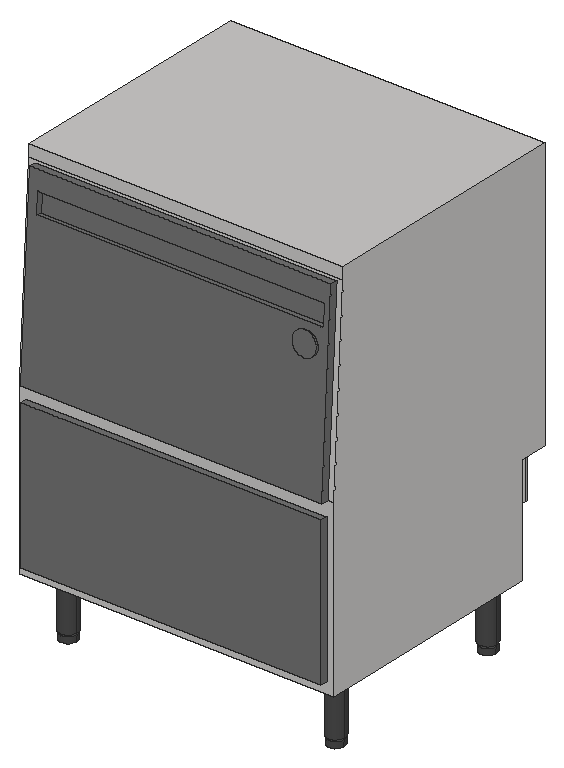
Revit family "QF_MACOM_HOSIM65A-2M", category Equipamento especial, Revit 2020
Family settings
  Cota do conector redondo = Utilizar diâmetro
  Tipo de parte = Normal
  Número OmniClass = 23.40.40.14.27
  Título OmniClass = Ice Machines
  Com base no plano de trabalho = Não
  Sempre na vertical = Sim
  Corte com vazios quando carregada = Não
  Compartilhado = Não
  Ponto de cálculo do ambiente = Não
Parameters (values of type "HOSIM65A-2M")
  Work Temperature = "0"
  Weight [instance] = 60.00 kg
  Watts [instance] = 390 W
  Water Temperature = "0"
  Water Consumption per day = "0"
  Waste Water Discharge Temperature = 0 °C
  Volume = 0.328 m³
  Volts [instance] = 220 V
  URL Recommended Spares List [instance] = ""
  URL Manufacturer [instance] = ""
  URL Cutsheet [instance] = ""
  URL Critical Spares List [instance] = ""
  URL = "https://www.acosmacom.com.br/"
  Storage = 26.00 kg
  Specification by User [instance] = ""
  Specification by Manufacturer [instance] = ""
  Serial Number [instance] = ""
  Seismic Rating [instance] = ""
  SMACNA No [instance] = ""
  Revision Code [instance] = ""
  Production per Day = "0"
  Production per Cycle = "42 cubes"
  Plumbing Remarks = ""
  Plumbing Connection Type = ""
  Number of Poles = 0
  NAFEM Spec ID Number [instance] = ""
  Modelo = "HOSIM65A-2M"
  Min Ckt Ampacity = 0 A
  Max Overcurrent Protection = 0 A
  Item Number [instance] = ""
  Installed by [instance] = ""
  Indirect Waste Size = 3/4"
  Indirect Waste Flow = 0.0 L/s
  Indirect Waste Connection Type = ""
  Indirect Waste Connection Height = 153 mm
  HP = ""
  Furnished by [instance] = ""
  Fabricante = "MACOM"
  FL Amps = 0 A
  Elevação padrão = 0 mm
  Electrical Remarks = ""
  Electric Connection Type = ""
  Elec Conn RI Height = 0 mm
  Descrição = "MAQUINA DE GELO EM CUBO HOSHIZAKI, PRODUCAO ATE 62KG/DIA, COM DEPOSITO DE 26KG - 220V MONOF - IM-65A-660X570X932mm"
  Conn Conduit = yes
  Type Comments = ""
  Solid Fuel Type [instance] = ""
  Show Logo [instance] = yes
  Show Clearances [instance] = yes
  Refrigeration Suction Line Size [instance] = 0"
  Refrigeration Liquid Line Size [instance] = 0"
  Refrigeration Evaporation Temperature [instance] = 0 °C
  Refrigeration Energy Efficiency Index [instance] = ""
  Refrigeration Defrost Drain [instance] = yes
  Refrigeration Climate Class [instance] = ""
  Refrigerant Type [instance] = "R134a"
  Refrigerant Mass [instance] = 0
  Refrigerant Flow [instance] = 0.0 L/s
  Refrigerant Compressor Remote [instance] = yes
  Potential Equalisation [instance] = yes
  Phase [instance] = 0
  Operational Current [instance] = 3.2 A
  Masterspec [instance] = ""
  Length Actual [instance] = 660 mm
  Ingress Protection Code [instance] = ""
  Identify Quantity as Lot [instance] = yes
  Height Actual = 932 mm
  Gas Connection Height [instance] = 0 mm
  Fuel Type [instance] = ""
  Foodservice Equipment Identifier [instance] = yes
  Elec Conn Connection Height [instance] = 198 mm
  Depth Actual [instance] = 570 mm
  Cycle [instance] = 60 Hz
  Conn Plug [instance] = ""
  Cold Water Temperature Recommended = 0 °C
  Cold Water Size = 1/2"
  Cold Water RI Height = 0 mm
  Cold Water Minimum Pressure = 0.0 Pa
  Cold Water Maximum Pressure = 0.0 Pa
  Cold Water Flow = 0.0 L/s
  Cold Water Consumption = ""
  Cold Water Connection Height = 229 mm
  CSI MasterFormat [instance] = ""
  CE Approved [instance] = yes
  BTUH [instance] = 3106 Btu/h
  Apparent Power = 0 VA
  Accessory [instance] = yes
Reference planes
  plane 1 "Centro (Frontal/Traseira)": y = 0
  plane 2: z = 0
  plane 3 "Centro (Esquerda/Direita)": x = 0
  plane 4: x = 660
  plane 5: z = 932
  plane 6: y = -570
  plane 7: y = -725
  plane 8: y = -1129.187
Forms (mm)
  Extrusion 1, solid, material "QF_Metal_Stainless Steel"
    sketch origin (0, 0, 0) x (0, 1, 0) y (0, 0, 1)
      loop
        line (0, 932) -> (-531, 932) -> (-531, 907) -> (-555, 496.6) -> (-555, 132) -> (-60, 132) -> (-60, 361) -> (0, 361) -> (0, 932)
    from 0 to 660
  Extrusion 2, solid, material "QF_Plastic-Dark Gray"
    sketch origin (0, -555, 152) x (0, 0, 1) y (-1, 0, 0)
      loop
        line (313.9, -13) -> (2.5, -13) -> (2.5, -645) -> (313.9, -645) -> (313.9, -13)
    from 0 to 15
  Extrusion 3, solid, material "QF_Plastic-Dark Gray"
    sketch origin (0, 0, 0) x (0, 1, 0) y (0, 0, 1)
      loop
        line (-555, 496.6) -> (-531.304, 901.808) -> (-546.274, 902.749) -> (-569.974, 497.476) -> (-555, 496.6)
    from 13 to 647
  Extrusion 4, void
    sketch origin (649, 0.922, 257.419) x (0, -0.99999, -0.004397) y (0, -0.004397, 0.99999)
      loop
        line (549.697, 562.753) -> (546.873, 607.665) -> (542.663, 607.4)
        arc (542.663, 607.4) -> (540.888, 608.008) -> (540.062, 609.693) r 2.452
        line (540.062, 609.693) -> (539.373, 620.655) -> (534.383, 620.341) -> (538.051, 562.021) -> (549.697, 562.753)
    from 13 to 617
  Extrusion 5, solid, material "QF_Finishes_Clearance_Door_Blue", detail levels coarse
    sketch origin (647, 0, 0) x (0, 1, 0) y (0, 0, 1)
      loop
        arc (-546.274, 902.749) -> (-750.019, 861.334) -> (-906.542, 724.485) r 405.97
        line (-906.542, 724.485) -> (-569.975, 497.468) -> (-546.274, 902.749)
    from 0 to -634
  Extrusion 6, solid, material "QF_Finishes_Clearance_Red", detail levels coarse
    sketch origin (0, 0, 1332) x (0, -1, 0) y (1, 0, 0)
      loop
        line (0, 0) -> (0, -150) -> (570, -150) -> (570, 0) -> (0, 0)
      loop
        line (0, 660) -> (570, 660) -> (570, 810) -> (0, 810) -> (0, 660)
    from -400 to -1373.128
  Extrusion 7, solid, material "QF_Finishes_Clearance_Red", detail levels coarse
    sketch origin (0, 0, 932) x (0, -1, 0) y (1, 0, 0)
      loop
        line (0, -150) -> (570, -150) -> (570, 810) -> (0, 810) -> (0, -150)
    from 0 to 150
  Extrusion 8, solid, material "QF_Metal_Stainless Steel"
    sketch origin (0, 0, 361) x (-1, 0, 0) y (0, 1, 0)
      loop
        circle (-634, -25) r 6.35
    from 0 to 100
  Extrusion 9, solid, material "QF_Metal_Stainless Steel"
    sketch origin (0, -60, 761) x (0, 0, -1) y (-1, 0, 0)
      loop
        circle (476, -79) r 9.525
      loop
        circle (431, -25) r 9.525
    from 0 to 6.35
Cuts and joins
  Extrusion 4 cuts Extrusion 3
  joined: Extrusion 6, Extrusion 7
Lines and regions (mm)
  model lines
    curve 1: line (32.5, -570, 170.5) -> (32.5, -570, 185.4)
    curve 2: line (621.5, -570, 170.5) -> (32.5, -570, 170.5)
    curve 3: line (621.5, -570, 185.4) -> (621.5, -570, 170.5)
    curve 4: line (32.5, -570, 185.4) -> (621.5, -570, 185.4)
    curve 5: line (131, -570, 185.4) -> (131, -570, 170.5)
    curve 6: line (227.5, -570, 185.4) -> (227.5, -570, 170.5)
    curve 7: line (326, -570, 185.4) -> (326, -570, 170.5)
    curve 8: line (424.5, -570, 185.4) -> (424.5, -570, 170.5)
    curve 9: line (523, -570, 185.4) -> (523, -570, 170.5)
    curve 10: line (32.5, -570, 197) -> (32.5, -570, 211.9)
    curve 11: line (621.5, -570, 197) -> (32.5, -570, 197)
    curve 12: line (621.5, -570, 211.9) -> (621.5, -570, 197)
    curve 13: line (32.5, -570, 211.9) -> (621.5, -570, 211.9)
    curve 14: line (131, -570, 211.9) -> (131, -570, 197)
    curve 15: line (227.5, -570, 211.9) -> (227.5, -570, 197)
    curve 16: line (326, -570, 211.9) -> (326, -570, 197)
    curve 17: line (424.5, -570, 211.9) -> (424.5, -570, 197)
    curve 18: line (523, -570, 211.9) -> (523, -570, 197)
    curve 19: line (32.5, -570, 223.5) -> (32.5, -570, 238.4)
    curve 20: line (621.5, -570, 223.5) -> (32.5, -570, 223.5)
    curve 21: line (621.5, -570, 238.4) -> (621.5, -570, 223.5)
    curve 22: line (32.5, -570, 238.4) -> (621.5, -570, 238.4)
    curve 23: line (131, -570, 238.4) -> (131, -570, 223.5)
    curve 24: line (227.5, -570, 238.4) -> (227.5, -570, 223.5)
    curve 25: line (326, -570, 238.4) -> (326, -570, 223.5)
    curve 26: line (424.5, -570, 238.4) -> (424.5, -570, 223.5)
    curve 27: line (523, -570, 238.4) -> (523, -570, 223.5)
    curve 28: line (32.5, -570, 250) -> (32.5, -570, 264.9)
    curve 29: line (621.5, -570, 250) -> (32.5, -570, 250)
    curve 30: line (621.5, -570, 264.9) -> (621.5, -570, 250)
    curve 31: line (32.5, -570, 264.9) -> (621.5, -570, 264.9)
    curve 32: line (131, -570, 264.9) -> (131, -570, 250)
    curve 33: line (227.5, -570, 264.9) -> (227.5, -570, 250)
    curve 34: line (326, -570, 264.9) -> (326, -570, 250)
    curve 35: line (424.5, -570, 264.9) -> (424.5, -570, 250)
    curve 36: line (523, -570, 264.9) -> (523, -570, 250)
    curve 37: line (32.5, -570, 276.5) -> (32.5, -570, 291.4)
    curve 38: line (621.5, -570, 276.5) -> (32.5, -570, 276.5)
    curve 39: line (621.5, -570, 291.4) -> (621.5, -570, 276.5)
    curve 40: line (32.5, -570, 291.4) -> (621.5, -570, 291.4)
    curve 41: line (131, -570, 291.4) -> (131, -570, 276.5)
    curve 42: line (227.5, -570, 291.4) -> (227.5, -570, 276.5)
    curve 43: line (326, -570, 291.4) -> (326, -570, 276.5)
    curve 44: line (424.5, -570, 291.4) -> (424.5, -570, 276.5)
    curve 45: line (523, -570, 291.4) -> (523, -570, 276.5)
    curve 46: line (32.5, -570, 303) -> (32.5, -570, 317.9)
    curve 47: line (621.5, -570, 303) -> (32.5, -570, 303)
    curve 48: line (621.5, -570, 317.9) -> (621.5, -570, 303)
    curve 49: line (32.5, -570, 317.9) -> (621.5, -570, 317.9)
    curve 50: line (131, -570, 317.9) -> (131, -570, 303)
    curve 51: line (227.5, -570, 317.9) -> (227.5, -570, 303)
    curve 52: line (326, -570, 317.9) -> (326, -570, 303)
    curve 53: line (424.5, -570, 317.9) -> (424.5, -570, 303)
    curve 54: line (523, -570, 317.9) -> (523, -570, 303)
    curve 55: line (32.5, -570, 329.5) -> (32.5, -570, 344.4)
    curve 56: line (621.5, -570, 329.5) -> (32.5, -570, 329.5)
    curve 57: line (621.5, -570, 344.4) -> (621.5, -570, 329.5)
    curve 58: line (32.5, -570, 344.4) -> (621.5, -570, 344.4)
    curve 59: line (131, -570, 344.4) -> (131, -570, 329.5)
    curve 60: line (227.5, -570, 344.4) -> (227.5, -570, 329.5)
    curve 61: line (326, -570, 344.4) -> (326, -570, 329.5)
    curve 62: line (424.5, -570, 344.4) -> (424.5, -570, 329.5)
    curve 63: line (523, -570, 344.4) -> (523, -570, 329.5)
    curve 64: line (32.5, -570, 356) -> (32.5, -570, 370.9)
    curve 65: line (621.5, -570, 356) -> (32.5, -570, 356)
    curve 66: line (621.5, -570, 370.9) -> (621.5, -570, 356)
    curve 67: line (32.5, -570, 370.9) -> (621.5, -570, 370.9)
    curve 68: line (131, -570, 370.9) -> (131, -570, 356)
    curve 69: line (227.5, -570, 370.9) -> (227.5, -570, 356)
    curve 70: line (326, -570, 370.9) -> (326, -570, 356)
    curve 71: line (424.5, -570, 370.9) -> (424.5, -570, 356)
    curve 72: line (523, -570, 370.9) -> (523, -570, 356)
    curve 73: line (32.5, -570, 382.5) -> (32.5, -570, 397.4)
    curve 74: line (621.5, -570, 382.5) -> (32.5, -570, 382.5)
    curve 75: line (621.5, -570, 397.4) -> (621.5, -570, 382.5)
    curve 76: line (32.5, -570, 397.4) -> (621.5, -570, 397.4)
    curve 77: line (131, -570, 397.4) -> (131, -570, 382.5)
    curve 78: line (227.5, -570, 397.4) -> (227.5, -570, 382.5)
    curve 79: line (326, -570, 397.4) -> (326, -570, 382.5)
    curve 80: line (424.5, -570, 397.4) -> (424.5, -570, 382.5)
    curve 81: line (523, -570, 397.4) -> (523, -570, 382.5)
    curve 82: line (32.5, -570, 409) -> (32.5, -570, 423.9)
    curve 83: line (621.5, -570, 409) -> (32.5, -570, 409)
    curve 84: line (621.5, -570, 423.9) -> (621.5, -570, 409)
    curve 85: line (32.5, -570, 423.9) -> (621.5, -570, 423.9)
    curve 86: line (131, -570, 423.9) -> (131, -570, 409)
    curve 87: line (227.5, -570, 423.9) -> (227.5, -570, 409)
    curve 88: line (326, -570, 423.9) -> (326, -570, 409)
    curve 89: line (424.5, -570, 423.9) -> (424.5, -570, 409)
    curve 90: line (523, -570, 423.9) -> (523, -570, 409)
    curve 91: line (32.5, -570, 435.5) -> (32.5, -570, 450.4)
    curve 92: line (621.5, -570, 435.5) -> (32.5, -570, 435.5)
    curve 93: line (621.5, -570, 450.4) -> (621.5, -570, 435.5)
    curve 94: line (32.5, -570, 450.4) -> (621.5, -570, 450.4)
    curve 95: line (131, -570, 450.4) -> (131, -570, 435.5)
    curve 96: line (227.5, -570, 450.4) -> (227.5, -570, 435.5)
    curve 97: line (326, -570, 450.4) -> (326, -570, 435.5)
    curve 98: line (424.5, -570, 450.4) -> (424.5, -570, 435.5)
    curve 99: line (523, -570, 450.4) -> (523, -570, 435.5)
    curve 100: line (0, -131.5, 184.5) -> (0, -199.5, 184.5)
    curve 101: line (0, -199.5, 191.5) -> (0, -131.5, 191.5)
    curve 102: arc (0, -199.5, 184.5) -> (0, -203, 188) -> (0, -199.5, 191.5) r 3.5
    curve 103: arc (0, -131.5, 191.5) -> (0, -128, 188) -> (0, -131.5, 184.5) r 3.5
    curve 104: line (0, -212.5, 184.5) -> (0, -280.5, 184.5)
    curve 105: line (0, -280.5, 191.5) -> (0, -212.5, 191.5)
    curve 106: arc (0, -280.5, 184.5) -> (0, -284, 188) -> (0, -280.5, 191.5) r 3.5
    curve 107: arc (0, -212.5, 191.5) -> (0, -209, 188) -> (0, -212.5, 184.5) r 3.5
    curve 108: line (0, -293.5, 184.5) -> (0, -361.5, 184.5)
    curve 109: line (0, -361.5, 191.5) -> (0, -293.5, 191.5)
    curve 110: arc (0, -361.5, 184.5) -> (0, -365, 188) -> (0, -361.5, 191.5) r 3.5
    curve 111: arc (0, -293.5, 191.5) -> (0, -290, 188) -> (0, -293.5, 184.5) r 3.5
    curve 112: line (0, -131.5, 195.5) -> (0, -199.5, 195.5)
    curve 113: line (0, -199.5, 202.5) -> (0, -131.5, 202.5)
    curve 114: arc (0, -199.5, 195.5) -> (0, -203, 199) -> (0, -199.5, 202.5) r 3.5
    curve 115: arc (0, -131.5, 202.5) -> (0, -128, 199) -> (0, -131.5, 195.5) r 3.5
    curve 116: line (0, -212.5, 195.5) -> (0, -280.5, 195.5)
    curve 117: line (0, -280.5, 202.5) -> (0, -212.5, 202.5)
    curve 118: arc (0, -280.5, 195.5) -> (0, -284, 199) -> (0, -280.5, 202.5) r 3.5
    curve 119: arc (0, -212.5, 202.5) -> (0, -209, 199) -> (0, -212.5, 195.5) r 3.5
    curve 120: line (0, -293.5, 195.5) -> (0, -361.5, 195.5)
    curve 121: line (0, -361.5, 202.5) -> (0, -293.5, 202.5)
    curve 122: arc (0, -361.5, 195.5) -> (0, -365, 199) -> (0, -361.5, 202.5) r 3.5
    curve 123: arc (0, -293.5, 202.5) -> (0, -290, 199) -> (0, -293.5, 195.5) r 3.5
    curve 124: line (0, -131.5, 206.5) -> (0, -199.5, 206.5)
    curve 125: line (0, -199.5, 213.5) -> (0, -131.5, 213.5)
    curve 126: arc (0, -199.5, 206.5) -> (0, -203, 210) -> (0, -199.5, 213.5) r 3.5
    curve 127: arc (0, -131.5, 213.5) -> (0, -128, 210) -> (0, -131.5, 206.5) r 3.5
    curve 128: line (0, -212.5, 206.5) -> (0, -280.5, 206.5)
    curve 129: line (0, -280.5, 213.5) -> (0, -212.5, 213.5)
    curve 130: arc (0, -280.5, 206.5) -> (0, -284, 210) -> (0, -280.5, 213.5) r 3.5
    curve 131: arc (0, -212.5, 213.5) -> (0, -209, 210) -> (0, -212.5, 206.5) r 3.5
    curve 132: line (0, -293.5, 206.5) -> (0, -361.5, 206.5)
    curve 133: line (0, -361.5, 213.5) -> (0, -293.5, 213.5)
    curve 134: arc (0, -361.5, 206.5) -> (0, -365, 210) -> (0, -361.5, 213.5) r 3.5
    curve 135: arc (0, -293.5, 213.5) -> (0, -290, 210) -> (0, -293.5, 206.5) r 3.5
    curve 136: line (0, -131.5, 217.5) -> (0, -199.5, 217.5)
    curve 137: line (0, -199.5, 224.5) -> (0, -131.5, 224.5)
    curve 138: arc (0, -199.5, 217.5) -> (0, -203, 221) -> (0, -199.5, 224.5) r 3.5
    curve 139: arc (0, -131.5, 224.5) -> (0, -128, 221) -> (0, -131.5, 217.5) r 3.5
    curve 140: line (0, -212.5, 217.5) -> (0, -280.5, 217.5)
    curve 141: line (0, -280.5, 224.5) -> (0, -212.5, 224.5)
    curve 142: arc (0, -280.5, 217.5) -> (0, -284, 221) -> (0, -280.5, 224.5) r 3.5
    curve 143: arc (0, -212.5, 224.5) -> (0, -209, 221) -> (0, -212.5, 217.5) r 3.5
    curve 144: line (0, -293.5, 217.5) -> (0, -361.5, 217.5)
    curve 145: line (0, -361.5, 224.5) -> (0, -293.5, 224.5)
    curve 146: arc (0, -361.5, 217.5) -> (0, -365, 221) -> (0, -361.5, 224.5) r 3.5
    curve 147: arc (0, -293.5, 224.5) -> (0, -290, 221) -> (0, -293.5, 217.5) r 3.5
    curve 148: line (0, -131.5, 228.5) -> (0, -199.5, 228.5)
    curve 149: line (0, -199.5, 235.5) -> (0, -131.5, 235.5)
    curve 150: arc (0, -199.5, 228.5) -> (0, -203, 232) -> (0, -199.5, 235.5) r 3.5
    curve 151: arc (0, -131.5, 235.5) -> (0, -128, 232) -> (0, -131.5, 228.5) r 3.5
    curve 152: line (0, -212.5, 228.5) -> (0, -280.5, 228.5)
    curve 153: line (0, -280.5, 235.5) -> (0, -212.5, 235.5)
    curve 154: arc (0, -280.5, 228.5) -> (0, -284, 232) -> (0, -280.5, 235.5) r 3.5
    curve 155: arc (0, -212.5, 235.5) -> (0, -209, 232) -> (0, -212.5, 228.5) r 3.5
    curve 156: line (0, -293.5, 228.5) -> (0, -361.5, 228.5)
    curve 157: line (0, -361.5, 235.5) -> (0, -293.5, 235.5)
    curve 158: arc (0, -361.5, 228.5) -> (0, -365, 232) -> (0, -361.5, 235.5) r 3.5
    curve 159: arc (0, -293.5, 235.5) -> (0, -290, 232) -> (0, -293.5, 228.5) r 3.5
    curve 160: line (0, -131.5, 239.5) -> (0, -199.5, 239.5)
    curve 161: line (0, -199.5, 246.5) -> (0, -131.5, 246.5)
    curve 162: arc (0, -199.5, 239.5) -> (0, -203, 243) -> (0, -199.5, 246.5) r 3.5
    curve 163: arc (0, -131.5, 246.5) -> (0, -128, 243) -> (0, -131.5, 239.5) r 3.5
    curve 164: line (0, -212.5, 239.5) -> (0, -280.5, 239.5)
    curve 165: line (0, -280.5, 246.5) -> (0, -212.5, 246.5)
    curve 166: arc (0, -280.5, 239.5) -> (0, -284, 243) -> (0, -280.5, 246.5) r 3.5
    curve 167: arc (0, -212.5, 246.5) -> (0, -209, 243) -> (0, -212.5, 239.5) r 3.5
    curve 168: line (0, -293.5, 239.5) -> (0, -361.5, 239.5)
    curve 169: line (0, -361.5, 246.5) -> (0, -293.5, 246.5)
    curve 170: arc (0, -361.5, 239.5) -> (0, -365, 243) -> (0, -361.5, 246.5) r 3.5
    curve 171: arc (0, -293.5, 246.5) -> (0, -290, 243) -> (0, -293.5, 239.5) r 3.5
    curve 172: line (0, -131.5, 250.5) -> (0, -199.5, 250.5)
    curve 173: line (0, -199.5, 257.5) -> (0, -131.5, 257.5)
    curve 174: arc (0, -199.5, 250.5) -> (0, -203, 254) -> (0, -199.5, 257.5) r 3.5
    curve 175: arc (0, -131.5, 257.5) -> (0, -128, 254) -> (0, -131.5, 250.5) r 3.5
    curve 176: line (0, -212.5, 250.5) -> (0, -280.5, 250.5)
    curve 177: line (0, -280.5, 257.5) -> (0, -212.5, 257.5)
    curve 178: arc (0, -280.5, 250.5) -> (0, -284, 254) -> (0, -280.5, 257.5) r 3.5
    curve 179: arc (0, -212.5, 257.5) -> (0, -209, 254) -> (0, -212.5, 250.5) r 3.5
    curve 180: line (0, -293.5, 250.5) -> (0, -361.5, 250.5)
    curve 181: line (0, -361.5, 257.5) -> (0, -293.5, 257.5)
    curve 182: arc (0, -361.5, 250.5) -> (0, -365, 254) -> (0, -361.5, 257.5) r 3.5
    curve 183: arc (0, -293.5, 257.5) -> (0, -290, 254) -> (0, -293.5, 250.5) r 3.5
    curve 184: line (0, -131.5, 261.5) -> (0, -199.5, 261.5)
    curve 185: line (0, -199.5, 268.5) -> (0, -131.5, 268.5)
    curve 186: arc (0, -199.5, 261.5) -> (0, -203, 265) -> (0, -199.5, 268.5) r 3.5
    curve 187: arc (0, -131.5, 268.5) -> (0, -128, 265) -> (0, -131.5, 261.5) r 3.5
    curve 188: line (0, -212.5, 261.5) -> (0, -280.5, 261.5)
    curve 189: line (0, -280.5, 268.5) -> (0, -212.5, 268.5)
    curve 190: arc (0, -280.5, 261.5) -> (0, -284, 265) -> (0, -280.5, 268.5) r 3.5
    curve 191: arc (0, -212.5, 268.5) -> (0, -209, 265) -> (0, -212.5, 261.5) r 3.5
    curve 192: line (0, -293.5, 261.5) -> (0, -361.5, 261.5)
    curve 193: line (0, -361.5, 268.5) -> (0, -293.5, 268.5)
    curve 194: arc (0, -361.5, 261.5) -> (0, -365, 265) -> (0, -361.5, 268.5) r 3.5
    curve 195: arc (0, -293.5, 268.5) -> (0, -290, 265) -> (0, -293.5, 261.5) r 3.5
    curve 196: line (0, -131.5, 272.5) -> (0, -199.5, 272.5)
    curve 197: line (0, -199.5, 279.5) -> (0, -131.5, 279.5)
    curve 198: arc (0, -199.5, 272.5) -> (0, -203, 276) -> (0, -199.5, 279.5) r 3.5
    curve 199: arc (0, -131.5, 279.5) -> (0, -128, 276) -> (0, -131.5, 272.5) r 3.5
    curve 200: line (0, -212.5, 272.5) -> (0, -280.5, 272.5)
    curve 201: line (0, -280.5, 279.5) -> (0, -212.5, 279.5)
    curve 202: arc (0, -280.5, 272.5) -> (0, -284, 276) -> (0, -280.5, 279.5) r 3.5
    curve 203: arc (0, -212.5, 279.5) -> (0, -209, 276) -> (0, -212.5, 272.5) r 3.5
    curve 204: line (0, -293.5, 272.5) -> (0, -361.5, 272.5)
    curve 205: line (0, -361.5, 279.5) -> (0, -293.5, 279.5)
    curve 206: arc (0, -361.5, 272.5) -> (0, -365, 276) -> (0, -361.5, 279.5) r 3.5
    curve 207: arc (0, -293.5, 279.5) -> (0, -290, 276) -> (0, -293.5, 272.5) r 3.5
    curve 208: line (0, -131.5, 283.5) -> (0, -199.5, 283.5)
    curve 209: line (0, -199.5, 290.5) -> (0, -131.5, 290.5)
    curve 210: arc (0, -199.5, 283.5) -> (0, -203, 287) -> (0, -199.5, 290.5) r 3.5
    curve 211: arc (0, -131.5, 290.5) -> (0, -128, 287) -> (0, -131.5, 283.5) r 3.5
    curve 212: line (0, -212.5, 283.5) -> (0, -280.5, 283.5)
    curve 213: line (0, -280.5, 290.5) -> (0, -212.5, 290.5)
    curve 214: arc (0, -280.5, 283.5) -> (0, -284, 287) -> (0, -280.5, 290.5) r 3.5
    curve 215: arc (0, -212.5, 290.5) -> (0, -209, 287) -> (0, -212.5, 283.5) r 3.5
    curve 216: line (0, -293.5, 283.5) -> (0, -361.5, 283.5)
    curve 217: line (0, -361.5, 290.5) -> (0, -293.5, 290.5)
    curve 218: arc (0, -361.5, 283.5) -> (0, -365, 287) -> (0, -361.5, 290.5) r 3.5
    curve 219: arc (0, -293.5, 290.5) -> (0, -290, 287) -> (0, -293.5, 283.5) r 3.5
    curve 220: line (0, -131.5, 294.5) -> (0, -199.5, 294.5)
    curve 221: line (0, -199.5, 301.5) -> (0, -131.5, 301.5)
    curve 222: arc (0, -199.5, 294.5) -> (0, -203, 298) -> (0, -199.5, 301.5) r 3.5
    curve 223: arc (0, -131.5, 301.5) -> (0, -128, 298) -> (0, -131.5, 294.5) r 3.5
    curve 224: line (0, -212.5, 294.5) -> (0, -280.5, 294.5)
    curve 225: line (0, -280.5, 301.5) -> (0, -212.5, 301.5)
    curve 226: arc (0, -280.5, 294.5) -> (0, -284, 298) -> (0, -280.5, 301.5) r 3.5
    curve 227: arc (0, -212.5, 301.5) -> (0, -209, 298) -> (0, -212.5, 294.5) r 3.5
    curve 228: line (0, -293.5, 294.5) -> (0, -361.5, 294.5)
    curve 229: line (0, -361.5, 301.5) -> (0, -293.5, 301.5)
    curve 230: arc (0, -361.5, 294.5) -> (0, -365, 298) -> (0, -361.5, 301.5) r 3.5
    curve 231: arc (0, -293.5, 301.5) -> (0, -290, 298) -> (0, -293.5, 294.5) r 3.5
    curve 232: line (0, -131.5, 305.5) -> (0, -199.5, 305.5)
    curve 233: line (0, -199.5, 312.5) -> (0, -131.5, 312.5)
    curve 234: arc (0, -199.5, 305.5) -> (0, -203, 309) -> (0, -199.5, 312.5) r 3.5
    curve 235: arc (0, -131.5, 312.5) -> (0, -128, 309) -> (0, -131.5, 305.5) r 3.5
    curve 236: line (0, -212.5, 305.5) -> (0, -280.5, 305.5)
    curve 237: line (0, -280.5, 312.5) -> (0, -212.5, 312.5)
    curve 238: arc (0, -280.5, 305.5) -> (0, -284, 309) -> (0, -280.5, 312.5) r 3.5
    curve 239: arc (0, -212.5, 312.5) -> (0, -209, 309) -> (0, -212.5, 305.5) r 3.5
    curve 240: line (0, -293.5, 305.5) -> (0, -361.5, 305.5)
    curve 241: line (0, -361.5, 312.5) -> (0, -293.5, 312.5)
    curve 242: arc (0, -361.5, 305.5) -> (0, -365, 309) -> (0, -361.5, 312.5) r 3.5
    curve 243: arc (0, -293.5, 312.5) -> (0, -290, 309) -> (0, -293.5, 305.5) r 3.5
    curve 244: line (0, -131.5, 316.5) -> (0, -199.5, 316.5)
    curve 245: line (0, -199.5, 323.5) -> (0, -131.5, 323.5)
    curve 246: arc (0, -199.5, 316.5) -> (0, -203, 320) -> (0, -199.5, 323.5) r 3.5
    curve 247: arc (0, -131.5, 323.5) -> (0, -128, 320) -> (0, -131.5, 316.5) r 3.5
    curve 248: line (0, -212.5, 316.5) -> (0, -280.5, 316.5)
    curve 249: line (0, -280.5, 323.5) -> (0, -212.5, 323.5)
    curve 250: arc (0, -280.5, 316.5) -> (0, -284, 320) -> (0, -280.5, 323.5) r 3.5
    curve 251: arc (0, -212.5, 323.5) -> (0, -209, 320) -> (0, -212.5, 316.5) r 3.5
    curve 252: line (0, -293.5, 316.5) -> (0, -361.5, 316.5)
    curve 253: line (0, -361.5, 323.5) -> (0, -293.5, 323.5)
    curve 254: arc (0, -361.5, 316.5) -> (0, -365, 320) -> (0, -361.5, 323.5) r 3.5
    curve 255: arc (0, -293.5, 323.5) -> (0, -290, 320) -> (0, -293.5, 316.5) r 3.5
    curve 256: line (0, -131.5, 327.5) -> (0, -199.5, 327.5)
    curve 257: line (0, -199.5, 334.5) -> (0, -131.5, 334.5)
    curve 258: arc (0, -199.5, 327.5) -> (0, -203, 331) -> (0, -199.5, 334.5) r 3.5
    curve 259: arc (0, -131.5, 334.5) -> (0, -128, 331) -> (0, -131.5, 327.5) r 3.5
    curve 260: line (0, -212.5, 327.5) -> (0, -280.5, 327.5)
    curve 261: line (0, -280.5, 334.5) -> (0, -212.5, 334.5)
    curve 262: arc (0, -280.5, 327.5) -> (0, -284, 331) -> (0, -280.5, 334.5) r 3.5
    curve 263: arc (0, -212.5, 334.5) -> (0, -209, 331) -> (0, -212.5, 327.5) r 3.5
    curve 264: line (0, -293.5, 327.5) -> (0, -361.5, 327.5)
    curve 265: line (0, -361.5, 334.5) -> (0, -293.5, 334.5)
    curve 266: arc (0, -361.5, 327.5) -> (0, -365, 331) -> (0, -361.5, 334.5) r 3.5
    curve 267: arc (0, -293.5, 334.5) -> (0, -290, 331) -> (0, -293.5, 327.5) r 3.5
    curve 268: line (0, -131.5, 338.5) -> (0, -199.5, 338.5)
    curve 269: line (0, -199.5, 345.5) -> (0, -131.5, 345.5)
    curve 270: arc (0, -199.5, 338.5) -> (0, -203, 342) -> (0, -199.5, 345.5) r 3.5
    curve 271: arc (0, -131.5, 345.5) -> (0, -128, 342) -> (0, -131.5, 338.5) r 3.5
    curve 272: line (0, -212.5, 338.5) -> (0, -280.5, 338.5)
    curve 273: line (0, -280.5, 345.5) -> (0, -212.5, 345.5)
    curve 274: arc (0, -280.5, 338.5) -> (0, -284, 342) -> (0, -280.5, 345.5) r 3.5
    curve 275: arc (0, -212.5, 345.5) -> (0, -209, 342) -> (0, -212.5, 338.5) r 3.5
    curve 276: line (0, -293.5, 338.5) -> (0, -361.5, 338.5)
    curve 277: line (0, -361.5, 345.5) -> (0, -293.5, 345.5)
    curve 278: arc (0, -361.5, 338.5) -> (0, -365, 342) -> (0, -361.5, 345.5) r 3.5
    curve 279: arc (0, -293.5, 345.5) -> (0, -290, 342) -> (0, -293.5, 338.5) r 3.5
    curve 280: line (0, -131.5, 349.5) -> (0, -199.5, 349.5)
    curve 281: line (0, -199.5, 356.5) -> (0, -131.5, 356.5)
    curve 282: arc (0, -199.5, 349.5) -> (0, -203, 353) -> (0, -199.5, 356.5) r 3.5
    curve 283: arc (0, -131.5, 356.5) -> (0, -128, 353) -> (0, -131.5, 349.5) r 3.5
    curve 284: line (0, -212.5, 349.5) -> (0, -280.5, 349.5)
    curve 285: line (0, -280.5, 356.5) -> (0, -212.5, 356.5)
    curve 286: arc (0, -280.5, 349.5) -> (0, -284, 353) -> (0, -280.5, 356.5) r 3.5
    curve 287: arc (0, -212.5, 356.5) -> (0, -209, 353) -> (0, -212.5, 349.5) r 3.5
    curve 288: line (0, -293.5, 349.5) -> (0, -361.5, 349.5)
    curve 289: line (0, -361.5, 356.5) -> (0, -293.5, 356.5)
    curve 290: arc (0, -361.5, 349.5) -> (0, -365, 353) -> (0, -361.5, 356.5) r 3.5
    curve 291: arc (0, -293.5, 356.5) -> (0, -290, 353) -> (0, -293.5, 349.5) r 3.5
    curve 292: line (660, -131.5, 184.5) -> (660, -199.5, 184.5)
    curve 293: line (660, -199.5, 191.5) -> (660, -131.5, 191.5)
    curve 294: arc (660, -131.5, 191.5) -> (660, -128, 188) -> (660, -131.5, 184.5) r 3.5
    curve 295: arc (660, -199.5, 184.5) -> (660, -203, 188) -> (660, -199.5, 191.5) r 3.5
    curve 296: line (660, -212.5, 184.5) -> (660, -280.5, 184.5)
    curve 297: line (660, -280.5, 191.5) -> (660, -212.5, 191.5)
    curve 298: arc (660, -212.5, 191.5) -> (660, -209, 188) -> (660, -212.5, 184.5) r 3.5
    curve 299: arc (660, -280.5, 184.5) -> (660, -284, 188) -> (660, -280.5, 191.5) r 3.5
    curve 300: line (660, -293.5, 184.5) -> (660, -361.5, 184.5)
    curve 301: line (660, -361.5, 191.5) -> (660, -293.5, 191.5)
    curve 302: arc (660, -293.5, 191.5) -> (660, -290, 188) -> (660, -293.5, 184.5) r 3.5
    curve 303: arc (660, -361.5, 184.5) -> (660, -365, 188) -> (660, -361.5, 191.5) r 3.5
    curve 304: line (660, -131.5, 195.5) -> (660, -199.5, 195.5)
    curve 305: line (660, -199.5, 202.5) -> (660, -131.5, 202.5)
    curve 306: arc (660, -131.5, 202.5) -> (660, -128, 199) -> (660, -131.5, 195.5) r 3.5
    curve 307: arc (660, -199.5, 195.5) -> (660, -203, 199) -> (660, -199.5, 202.5) r 3.5
    curve 308: line (660, -212.5, 195.5) -> (660, -280.5, 195.5)
    curve 309: line (660, -280.5, 202.5) -> (660, -212.5, 202.5)
    curve 310: arc (660, -212.5, 202.5) -> (660, -209, 199) -> (660, -212.5, 195.5) r 3.5
    curve 311: arc (660, -280.5, 195.5) -> (660, -284, 199) -> (660, -280.5, 202.5) r 3.5
    curve 312: line (660, -293.5, 195.5) -> (660, -361.5, 195.5)
    curve 313: line (660, -361.5, 202.5) -> (660, -293.5, 202.5)
    curve 314: arc (660, -293.5, 202.5) -> (660, -290, 199) -> (660, -293.5, 195.5) r 3.5
    curve 315: arc (660, -361.5, 195.5) -> (660, -365, 199) -> (660, -361.5, 202.5) r 3.5
    curve 316: line (660, -131.5, 206.5) -> (660, -199.5, 206.5)
    curve 317: line (660, -199.5, 213.5) -> (660, -131.5, 213.5)
    curve 318: arc (660, -131.5, 213.5) -> (660, -128, 210) -> (660, -131.5, 206.5) r 3.5
    curve 319: arc (660, -199.5, 206.5) -> (660, -203, 210) -> (660, -199.5, 213.5) r 3.5
    curve 320: line (660, -212.5, 206.5) -> (660, -280.5, 206.5)
    curve 321: line (660, -280.5, 213.5) -> (660, -212.5, 213.5)
    curve 322: arc (660, -212.5, 213.5) -> (660, -209, 210) -> (660, -212.5, 206.5) r 3.5
    curve 323: arc (660, -280.5, 206.5) -> (660, -284, 210) -> (660, -280.5, 213.5) r 3.5
    curve 324: line (660, -293.5, 206.5) -> (660, -361.5, 206.5)
    curve 325: line (660, -361.5, 213.5) -> (660, -293.5, 213.5)
    curve 326: arc (660, -293.5, 213.5) -> (660, -290, 210) -> (660, -293.5, 206.5) r 3.5
    curve 327: arc (660, -361.5, 206.5) -> (660, -365, 210) -> (660, -361.5, 213.5) r 3.5
    curve 328: line (660, -131.5, 217.5) -> (660, -199.5, 217.5)
    curve 329: line (660, -199.5, 224.5) -> (660, -131.5, 224.5)
    curve 330: arc (660, -131.5, 224.5) -> (660, -128, 221) -> (660, -131.5, 217.5) r 3.5
    curve 331: arc (660, -199.5, 217.5) -> (660, -203, 221) -> (660, -199.5, 224.5) r 3.5
    curve 332: line (660, -212.5, 217.5) -> (660, -280.5, 217.5)
    curve 333: line (660, -280.5, 224.5) -> (660, -212.5, 224.5)
    curve 334: arc (660, -212.5, 224.5) -> (660, -209, 221) -> (660, -212.5, 217.5) r 3.5
    curve 335: arc (660, -280.5, 217.5) -> (660, -284, 221) -> (660, -280.5, 224.5) r 3.5
    curve 336: line (660, -293.5, 217.5) -> (660, -361.5, 217.5)
    curve 337: line (660, -361.5, 224.5) -> (660, -293.5, 224.5)
    curve 338: arc (660, -293.5, 224.5) -> (660, -290, 221) -> (660, -293.5, 217.5) r 3.5
    curve 339: arc (660, -361.5, 217.5) -> (660, -365, 221) -> (660, -361.5, 224.5) r 3.5
    curve 340: line (660, -131.5, 228.5) -> (660, -199.5, 228.5)
    curve 341: line (660, -199.5, 235.5) -> (660, -131.5, 235.5)
    curve 342: arc (660, -131.5, 235.5) -> (660, -128, 232) -> (660, -131.5, 228.5) r 3.5
    curve 343: arc (660, -199.5, 228.5) -> (660, -203, 232) -> (660, -199.5, 235.5) r 3.5
    curve 344: line (660, -212.5, 228.5) -> (660, -280.5, 228.5)
    curve 345: line (660, -280.5, 235.5) -> (660, -212.5, 235.5)
    curve 346: arc (660, -212.5, 235.5) -> (660, -209, 232) -> (660, -212.5, 228.5) r 3.5
    curve 347: arc (660, -280.5, 228.5) -> (660, -284, 232) -> (660, -280.5, 235.5) r 3.5
    curve 348: line (660, -293.5, 228.5) -> (660, -361.5, 228.5)
    curve 349: line (660, -361.5, 235.5) -> (660, -293.5, 235.5)
    curve 350: arc (660, -293.5, 235.5) -> (660, -290, 232) -> (660, -293.5, 228.5) r 3.5
    curve 351: arc (660, -361.5, 228.5) -> (660, -365, 232) -> (660, -361.5, 235.5) r 3.5
    curve 352: line (660, -131.5, 239.5) -> (660, -199.5, 239.5)
    curve 353: line (660, -199.5, 246.5) -> (660, -131.5, 246.5)
    curve 354: arc (660, -131.5, 246.5) -> (660, -128, 243) -> (660, -131.5, 239.5) r 3.5
    curve 355: arc (660, -199.5, 239.5) -> (660, -203, 243) -> (660, -199.5, 246.5) r 3.5
    curve 356: line (660, -212.5, 239.5) -> (660, -280.5, 239.5)
    curve 357: line (660, -280.5, 246.5) -> (660, -212.5, 246.5)
    curve 358: arc (660, -212.5, 246.5) -> (660, -209, 243) -> (660, -212.5, 239.5) r 3.5
    curve 359: arc (660, -280.5, 239.5) -> (660, -284, 243) -> (660, -280.5, 246.5) r 3.5
    curve 360: line (660, -293.5, 239.5) -> (660, -361.5, 239.5)
    curve 361: line (660, -361.5, 246.5) -> (660, -293.5, 246.5)
    curve 362: arc (660, -293.5, 246.5) -> (660, -290, 243) -> (660, -293.5, 239.5) r 3.5
    curve 363: arc (660, -361.5, 239.5) -> (660, -365, 243) -> (660, -361.5, 246.5) r 3.5
    curve 364: line (660, -131.5, 250.5) -> (660, -199.5, 250.5)
    curve 365: line (660, -199.5, 257.5) -> (660, -131.5, 257.5)
    curve 366: arc (660, -131.5, 257.5) -> (660, -128, 254) -> (660, -131.5, 250.5) r 3.5
    curve 367: arc (660, -199.5, 250.5) -> (660, -203, 254) -> (660, -199.5, 257.5) r 3.5
    curve 368: line (660, -212.5, 250.5) -> (660, -280.5, 250.5)
    curve 369: line (660, -280.5, 257.5) -> (660, -212.5, 257.5)
    curve 370: arc (660, -212.5, 257.5) -> (660, -209, 254) -> (660, -212.5, 250.5) r 3.5
    curve 371: arc (660, -280.5, 250.5) -> (660, -284, 254) -> (660, -280.5, 257.5) r 3.5
    curve 372: line (660, -293.5, 250.5) -> (660, -361.5, 250.5)
    curve 373: line (660, -361.5, 257.5) -> (660, -293.5, 257.5)
    curve 374: arc (660, -293.5, 257.5) -> (660, -290, 254) -> (660, -293.5, 250.5) r 3.5
    curve 375: arc (660, -361.5, 250.5) -> (660, -365, 254) -> (660, -361.5, 257.5) r 3.5
    curve 376: line (660, -131.5, 261.5) -> (660, -199.5, 261.5)
    curve 377: line (660, -199.5, 268.5) -> (660, -131.5, 268.5)
    curve 378: arc (660, -131.5, 268.5) -> (660, -128, 265) -> (660, -131.5, 261.5) r 3.5
    curve 379: arc (660, -199.5, 261.5) -> (660, -203, 265) -> (660, -199.5, 268.5) r 3.5
    curve 380: line (660, -212.5, 261.5) -> (660, -280.5, 261.5)
    curve 381: line (660, -280.5, 268.5) -> (660, -212.5, 268.5)
    curve 382: arc (660, -212.5, 268.5) -> (660, -209, 265) -> (660, -212.5, 261.5) r 3.5
    curve 383: arc (660, -280.5, 261.5) -> (660, -284, 265) -> (660, -280.5, 268.5) r 3.5
    curve 384: line (660, -293.5, 261.5) -> (660, -361.5, 261.5)
    curve 385: line (660, -361.5, 268.5) -> (660, -293.5, 268.5)
    curve 386: arc (660, -293.5, 268.5) -> (660, -290, 265) -> (660, -293.5, 261.5) r 3.5
    curve 387: arc (660, -361.5, 261.5) -> (660, -365, 265) -> (660, -361.5, 268.5) r 3.5
    curve 388: line (660, -131.5, 272.5) -> (660, -199.5, 272.5)
    curve 389: line (660, -199.5, 279.5) -> (660, -131.5, 279.5)
    curve 390: arc (660, -131.5, 279.5) -> (660, -128, 276) -> (660, -131.5, 272.5) r 3.5
    curve 391: arc (660, -199.5, 272.5) -> (660, -203, 276) -> (660, -199.5, 279.5) r 3.5
    curve 392: line (660, -212.5, 272.5) -> (660, -280.5, 272.5)
    curve 393: line (660, -280.5, 279.5) -> (660, -212.5, 279.5)
    curve 394: arc (660, -212.5, 279.5) -> (660, -209, 276) -> (660, -212.5, 272.5) r 3.5
    curve 395: arc (660, -280.5, 272.5) -> (660, -284, 276) -> (660, -280.5, 279.5) r 3.5
    curve 396: line (660, -293.5, 272.5) -> (660, -361.5, 272.5)
    curve 397: line (660, -361.5, 279.5) -> (660, -293.5, 279.5)
    curve 398: arc (660, -293.5, 279.5) -> (660, -290, 276) -> (660, -293.5, 272.5) r 3.5
    curve 399: arc (660, -361.5, 272.5) -> (660, -365, 276) -> (660, -361.5, 279.5) r 3.5
    curve 400: line (660, -131.5, 283.5) -> (660, -199.5, 283.5)
    curve 401: line (660, -199.5, 290.5) -> (660, -131.5, 290.5)
    curve 402: arc (660, -131.5, 290.5) -> (660, -128, 287) -> (660, -131.5, 283.5) r 3.5
    curve 403: arc (660, -199.5, 283.5) -> (660, -203, 287) -> (660, -199.5, 290.5) r 3.5
    curve 404: line (660, -212.5, 283.5) -> (660, -280.5, 283.5)
    curve 405: line (660, -280.5, 290.5) -> (660, -212.5, 290.5)
    curve 406: arc (660, -212.5, 290.5) -> (660, -209, 287) -> (660, -212.5, 283.5) r 3.5
    curve 407: arc (660, -280.5, 283.5) -> (660, -284, 287) -> (660, -280.5, 290.5) r 3.5
    curve 408: line (660, -293.5, 283.5) -> (660, -361.5, 283.5)
    curve 409: line (660, -361.5, 290.5) -> (660, -293.5, 290.5)
    curve 410: arc (660, -293.5, 290.5) -> (660, -290, 287) -> (660, -293.5, 283.5) r 3.5
    curve 411: arc (660, -361.5, 283.5) -> (660, -365, 287) -> (660, -361.5, 290.5) r 3.5
    curve 412: line (660, -131.5, 294.5) -> (660, -199.5, 294.5)
    curve 413: line (660, -199.5, 301.5) -> (660, -131.5, 301.5)
    curve 414: arc (660, -131.5, 301.5) -> (660, -128, 298) -> (660, -131.5, 294.5) r 3.5
    curve 415: arc (660, -199.5, 294.5) -> (660, -203, 298) -> (660, -199.5, 301.5) r 3.5
    curve 416: line (660, -212.5, 294.5) -> (660, -280.5, 294.5)
    curve 417: line (660, -280.5, 301.5) -> (660, -212.5, 301.5)
    curve 418: arc (660, -212.5, 301.5) -> (660, -209, 298) -> (660, -212.5, 294.5) r 3.5
    curve 419: arc (660, -280.5, 294.5) -> (660, -284, 298) -> (660, -280.5, 301.5) r 3.5
    curve 420: line (660, -293.5, 294.5) -> (660, -361.5, 294.5)
    curve 421: line (660, -361.5, 301.5) -> (660, -293.5, 301.5)
    curve 422: arc (660, -293.5, 301.5) -> (660, -290, 298) -> (660, -293.5, 294.5) r 3.5
    curve 423: arc (660, -361.5, 294.5) -> (660, -365, 298) -> (660, -361.5, 301.5) r 3.5
    curve 424: line (660, -131.5, 305.5) -> (660, -199.5, 305.5)
    curve 425: line (660, -199.5, 312.5) -> (660, -131.5, 312.5)
    curve 426: arc (660, -131.5, 312.5) -> (660, -128, 309) -> (660, -131.5, 305.5) r 3.5
    curve 427: arc (660, -199.5, 305.5) -> (660, -203, 309) -> (660, -199.5, 312.5) r 3.5
    curve 428: line (660, -212.5, 305.5) -> (660, -280.5, 305.5)
    curve 429: line (660, -280.5, 312.5) -> (660, -212.5, 312.5)
    curve 430: arc (660, -212.5, 312.5) -> (660, -209, 309) -> (660, -212.5, 305.5) r 3.5
    curve 431: arc (660, -280.5, 305.5) -> (660, -284, 309) -> (660, -280.5, 312.5) r 3.5
    curve 432: line (660, -293.5, 305.5) -> (660, -361.5, 305.5)
    curve 433: line (660, -361.5, 312.5) -> (660, -293.5, 312.5)
    curve 434: arc (660, -293.5, 312.5) -> (660, -290, 309) -> (660, -293.5, 305.5) r 3.5
    curve 435: arc (660, -361.5, 305.5) -> (660, -365, 309) -> (660, -361.5, 312.5) r 3.5
    curve 436: line (660, -131.5, 316.5) -> (660, -199.5, 316.5)
    curve 437: line (660, -199.5, 323.5) -> (660, -131.5, 323.5)
    curve 438: arc (660, -131.5, 323.5) -> (660, -128, 320) -> (660, -131.5, 316.5) r 3.5
    curve 439: arc (660, -199.5, 316.5) -> (660, -203, 320) -> (660, -199.5, 323.5) r 3.5
    curve 440: line (660, -212.5, 316.5) -> (660, -280.5, 316.5)
    curve 441: line (660, -280.5, 323.5) -> (660, -212.5, 323.5)
    curve 442: arc (660, -212.5, 323.5) -> (660, -209, 320) -> (660, -212.5, 316.5) r 3.5
    curve 443: arc (660, -280.5, 316.5) -> (660, -284, 320) -> (660, -280.5, 323.5) r 3.5
    curve 444: line (660, -293.5, 316.5) -> (660, -361.5, 316.5)
    curve 445: line (660, -361.5, 323.5) -> (660, -293.5, 323.5)
    curve 446: arc (660, -293.5, 323.5) -> (660, -290, 320) -> (660, -293.5, 316.5) r 3.5
    curve 447: arc (660, -361.5, 316.5) -> (660, -365, 320) -> (660, -361.5, 323.5) r 3.5
    curve 448: line (660, -131.5, 327.5) -> (660, -199.5, 327.5)
    curve 449: line (660, -199.5, 334.5) -> (660, -131.5, 334.5)
    curve 450: arc (660, -131.5, 334.5) -> (660, -128, 331) -> (660, -131.5, 327.5) r 3.5
    curve 451: arc (660, -199.5, 327.5) -> (660, -203, 331) -> (660, -199.5, 334.5) r 3.5
    curve 452: line (660, -212.5, 327.5) -> (660, -280.5, 327.5)
    curve 453: line (660, -280.5, 334.5) -> (660, -212.5, 334.5)
    curve 454: arc (660, -212.5, 334.5) -> (660, -209, 331) -> (660, -212.5, 327.5) r 3.5
    curve 455: arc (660, -280.5, 327.5) -> (660, -284, 331) -> (660, -280.5, 334.5) r 3.5
    curve 456: line (660, -293.5, 327.5) -> (660, -361.5, 327.5)
    curve 457: line (660, -361.5, 334.5) -> (660, -293.5, 334.5)
    curve 458: arc (660, -293.5, 334.5) -> (660, -290, 331) -> (660, -293.5, 327.5) r 3.5
    curve 459: arc (660, -361.5, 327.5) -> (660, -365, 331) -> (660, -361.5, 334.5) r 3.5
    curve 460: line (660, -131.5, 338.5) -> (660, -199.5, 338.5)
    curve 461: line (660, -199.5, 345.5) -> (660, -131.5, 345.5)
    curve 462: arc (660, -131.5, 345.5) -> (660, -128, 342) -> (660, -131.5, 338.5) r 3.5
    curve 463: arc (660, -199.5, 338.5) -> (660, -203, 342) -> (660, -199.5, 345.5) r 3.5
    curve 464: line (660, -212.5, 338.5) -> (660, -280.5, 338.5)
    curve 465: line (660, -280.5, 345.5) -> (660, -212.5, 345.5)
    curve 466: arc (660, -212.5, 345.5) -> (660, -209, 342) -> (660, -212.5, 338.5) r 3.5
    curve 467: arc (660, -280.5, 338.5) -> (660, -284, 342) -> (660, -280.5, 345.5) r 3.5
    curve 468: line (660, -293.5, 338.5) -> (660, -361.5, 338.5)
    curve 469: line (660, -361.5, 345.5) -> (660, -293.5, 345.5)
    curve 470: arc (660, -293.5, 345.5) -> (660, -290, 342) -> (660, -293.5, 338.5) r 3.5
    curve 471: arc (660, -361.5, 338.5) -> (660, -365, 342) -> (660, -361.5, 345.5) r 3.5
    curve 472: line (660, -131.5, 349.5) -> (660, -199.5, 349.5)
    curve 473: line (660, -199.5, 356.5) -> (660, -131.5, 356.5)
    curve 474: arc (660, -131.5, 356.5) -> (660, -128, 353) -> (660, -131.5, 349.5) r 3.5
    curve 475: arc (660, -199.5, 349.5) -> (660, -203, 353) -> (660, -199.5, 356.5) r 3.5
    curve 476: line (660, -212.5, 349.5) -> (660, -280.5, 349.5)
    curve 477: line (660, -280.5, 356.5) -> (660, -212.5, 356.5)
    curve 478: arc (660, -212.5, 356.5) -> (660, -209, 353) -> (660, -212.5, 349.5) r 3.5
    curve 479: arc (660, -280.5, 349.5) -> (660, -284, 353) -> (660, -280.5, 356.5) r 3.5
    curve 480: line (660, -293.5, 349.5) -> (660, -361.5, 349.5)
    curve 481: line (660, -361.5, 356.5) -> (660, -293.5, 356.5)
    curve 482: arc (660, -293.5, 356.5) -> (660, -290, 353) -> (660, -293.5, 349.5) r 3.5
    curve 483: arc (660, -361.5, 349.5) -> (660, -365, 353) -> (660, -361.5, 356.5) r 3.5
  symbolic lines
    curve 484: line (0, 0, 0) -> (660, 0, 0)
    curve 485: line (660, 0, 0) -> (660, -555, 0)
    curve 486: line (15, -555, 0) -> (0, -555, 0)
    curve 487: line (0, -555, 0) -> (0, 0, 0)
    curve 488: line (660, -510, 0) -> (0, -510, 0)
    curve 489: line (660, -555, 0) -> (647, -555, 0)
    curve 490: line (647, -555, 0) -> (647, -569.975, 0)
    curve 491: line (647, -569.975, 0) -> (13, -569.975, 0)
    curve 492: line (13, -569.975, 0) -> (13, -555, 0)
    curve 493: line (13, -531.304, 0) -> (13, -555, 0)
    curve 494: line (0, -531, 0) -> (660, -531, 0)
    curve 495: line (636, -536.184, 0) -> (32, -536.184, 0)
    curve 496: line (636, -551.245, 0) -> (636, -536.184, 0)
    curve 497: line (32, -551.245, 0) -> (636, -551.245, 0)
    curve 498: line (32, -536.184, 0) -> (32, -551.245, 0)
    curve 499: line (15, -555, 0) -> (647, -555, 0)
Dimensions and locks
  "Length Actual": plane 4 to plane 3 "Centro (Esquerda/Direita)"
  "Height Actual": plane 5 to level
  "Depth Actual": plane 1 "Centro (Frontal/Traseira)" to plane 6
  locked: level to Extrusion 1 sketch curve at 132
  locked: Extrusion 1 sketch curve to Extrusion 1 sketch curve at 229
  Extrusion 2 sketch curve to Extrusion 1 = 13 mm
  Extrusion 2 sketch curve to Extrusion 1 = 15 mm
  Extrusion 2 sketch curve to Extrusion 1 = 22.5 mm
  Extrusion 2 sketch curve to Extrusion 2 sketch curve = 311.4 mm
  level to Extrusion 1 sketch curve = 932 mm
  Extrusion 8 sketch curve to plane 1 "Centro (Frontal/Traseira)" = 25 mm
  locked: Extrusion 8 sketch curve to plane 4 at 26
  locked: Extrusion 9 sketch curve to plane 3 "Centro (Esquerda/Direita)" at 25
  locked: Extrusion 9 sketch curve to plane 3 "Centro (Esquerda/Direita)" at 79
  "Indirect Waste Connection Height": Extrusion 1 to Extrusion 9 sketch curve
  "Elec Conn Connection Height": Extrusion 1 to Extrusion 9 sketch curve
  aligned and locked: level to plane 2
  aligned and locked: level to nested 2
  aligned and locked: level to nested 4
  aligned and locked: level to nested 1
  aligned and locked: level to nested 3
  aligned and locked: plane 6 to Extrusion 2
  aligned and locked: Extrusion 5 to Extrusion 3
  aligned and locked: Extrusion 5 to Extrusion 2
  aligned and locked: Extrusion 7 sketch curve to plane 6
  aligned and locked: Extrusion 6 to Extrusion 1
  aligned and locked: Extrusion 5 to cut or joined group of Extrusion 3, Extrusion 4
Automatic sketch dimensions
  curve 1 to Extrusion 2 = 16 mm
  curve 2 to curve 4 = 14.9 mm
  curve 2 to Extrusion 2 = 19.5 mm
  curve 4 to Extrusion 2 = 23.5 mm
  curve 2 to curve 9 = 98.5 mm
  curve 9 to curve 8 = 98.5 mm
  curve 8 to curve 7 = 98.5 mm
  curve 7 to curve 6 = 98.5 mm
  curve 5 to curve 1 = 98.5 mm
  curve 1 to curve 10 = 11.6 mm
  curve 11 to curve 13 = 14.9 mm
  curve 13 to Extrusion 2 = 23.5 mm
  curve 11 to curve 1 = 0 mm
  curve 18 to curve 9 = 0 mm
  curve 17 to curve 8 = 0 mm
  curve 16 to curve 7 = 0 mm
  curve 15 to curve 6 = 0 mm
  curve 14 to curve 5 = 0 mm
  curve 10 to curve 19 = 11.6 mm
  curve 20 to curve 22 = 14.9 mm
  curve 21 to curve 12 = 0 mm
  curve 22 to Extrusion 2 = 19.5 mm
  curve 27 to curve 18 = 0 mm
  curve 26 to curve 17 = 0 mm
  curve 25 to curve 16 = 0 mm
  curve 24 to curve 15 = 0 mm
  curve 23 to curve 14 = 0 mm
  curve 19 to curve 28 = 11.6 mm
  curve 29 to curve 31 = 14.9 mm
  curve 31 to Extrusion 2 = 23.5 mm
  curve 28 to Extrusion 2 = 19.5 mm
  curve 36 to curve 27 = 0 mm
  curve 35 to curve 26 = 0 mm
  curve 34 to curve 25 = 0 mm
  curve 33 to curve 24 = 0 mm
  curve 32 to curve 23 = 0 mm
  curve 28 to curve 37 = 11.6 mm
  curve 38 to curve 40 = 14.9 mm
  curve 38 to curve 30 = 0 mm
  curve 37 to curve 28 = 0 mm
  curve 45 to curve 36 = 0 mm
  curve 44 to curve 35 = 0 mm
  curve 43 to curve 34 = 0 mm
  curve 42 to curve 33 = 0 mm
  curve 41 to curve 32 = 0 mm
  curve 37 to curve 46 = 11.6 mm
  curve 47 to curve 49 = 14.9 mm
  curve 49 to Extrusion 2 = 23.5 mm
  curve 46 to curve 37 = 0 mm
  curve 54 to curve 45 = 0 mm
  curve 53 to curve 44 = 0 mm
  curve 52 to curve 43 = 0 mm
  curve 51 to curve 42 = 0 mm
  curve 50 to curve 41 = 0 mm
  curve 46 to curve 55 = 11.6 mm
  curve 56 to curve 58 = 14.9 mm
  curve 58 to Extrusion 2 = 23.5 mm
  curve 55 to curve 46 = 0 mm
  curve 63 to curve 54 = 0 mm
  curve 62 to curve 53 = 0 mm
  curve 61 to curve 52 = 0 mm
  curve 60 to curve 51 = 0 mm
  curve 59 to curve 50 = 0 mm
  curve 55 to curve 64 = 11.6 mm
  curve 65 to curve 67 = 14.9 mm
  curve 67 to Extrusion 2 = 23.5 mm
  curve 64 to curve 55 = 0 mm
  curve 72 to curve 63 = 0 mm
  curve 71 to curve 62 = 0 mm
  curve 70 to curve 61 = 0 mm
  curve 69 to curve 60 = 0 mm
  curve 68 to curve 59 = 0 mm
  curve 64 to curve 73 = 11.6 mm
  curve 74 to curve 76 = 14.9 mm
  curve 74 to curve 66 = 0 mm
  curve 73 to curve 64 = 0 mm
  curve 81 to curve 72 = 0 mm
  curve 80 to curve 71 = 0 mm
  curve 79 to curve 70 = 0 mm
  curve 78 to curve 69 = 0 mm
  curve 77 to curve 68 = 0 mm
  curve 73 to curve 82 = 11.6 mm
  curve 83 to curve 85 = 14.9 mm
  curve 85 to Extrusion 2 = 23.5 mm
  curve 82 to curve 73 = 0 mm
  curve 90 to curve 81 = 0 mm
  curve 89 to curve 80 = 0 mm
  curve 88 to curve 79 = 0 mm
  curve 87 to curve 78 = 0 mm
  curve 86 to curve 77 = 0 mm
  curve 82 to curve 91 = 11.6 mm
  curve 92 to curve 94 = 14.9 mm
  curve 92 to curve 84 = 0 mm
  curve 91 to curve 82 = 0 mm
  curve 99 to curve 90 = 0 mm
  curve 98 to curve 89 = 0 mm
  curve 97 to curve 88 = 0 mm
  curve 96 to curve 87 = 0 mm
  curve 95 to curve 86 = 0 mm
  Extrusion 1 to curve 100 = 52.5 mm
  Extrusion 1 to curve 100 = 139.5 mm
  curve 100 to curve 100 = 68 mm
  curve 102 to curve 102 = 3.5 mm
  curve 107 to curve 102 = 13 mm
  curve 104 to curve 104 = 68 mm
  Extrusion 1 to curve 104 = 52.5 mm
  curve 104 to curve 107 = 3.5 mm
  curve 108 to curve 104 = 13 mm
  curve 108 to curve 108 = 68 mm
  Extrusion 1 to curve 108 = 52.5 mm
  curve 108 to curve 111 = 3.5 mm
  curve 122 to curve 109 = 0 mm
  curve 121 to curve 111 = 0 mm
  curve 117 to curve 105 = 0 mm
  curve 119 to curve 107 = 0 mm
  curve 114 to curve 102 = 0 mm
  curve 113 to curve 103 = 0 mm
  curve 103 to curve 112 = 4 mm
  curve 109 to curve 120 = 4 mm
  curve 105 to curve 116 = 4 mm
  curve 120 to curve 123 = 3.5 mm
  curve 116 to curve 118 = 3.5 mm
  curve 112 to curve 115 = 3.5 mm
  curve 134 to curve 121 = 0 mm
  curve 132 to curve 123 = 0 mm
  curve 129 to curve 117 = 0 mm  (x2)
  curve 124 to curve 113 = 0 mm
  curve 125 to curve 115 = 0 mm
  curve 115 to curve 124 = 4 mm
  curve 121 to curve 132 = 4 mm
  curve 117 to curve 128 = 4 mm
  curve 124 to curve 126 = 3.5 mm
  curve 132 to curve 134 = 3.5 mm
  curve 128 to curve 130 = 3.5 mm
  curve 146 to curve 133 = 0 mm
  curve 144 to curve 133 = 0 mm
  curve 142 to curve 129 = 0 mm
  curve 140 to curve 129 = 0 mm
  curve 136 to curve 125 = 0 mm
  curve 139 to curve 125 = 0 mm
  curve 125 to curve 136 = 4 mm
  curve 133 to curve 144 = 4 mm
  curve 129 to curve 140 = 4 mm
  curve 136 to curve 138 = 3.5 mm
  curve 144 to curve 146 = 3.5 mm
  curve 140 to curve 142 = 3.5 mm
  curve 158 to curve 145 = 0 mm
  curve 156 to curve 145 = 0 mm
  curve 152 to curve 141 = 0 mm
  curve 153 to curve 141 = 0 mm
  curve 148 to curve 137 = 0 mm
  curve 149 to curve 137 = 0 mm
  curve 137 to curve 148 = 4 mm
  curve 145 to curve 156 = 4 mm
  curve 141 to curve 152 = 4 mm
  curve 148 to curve 150 = 3.5 mm
  curve 156 to curve 158 = 3.5 mm
  curve 152 to curve 154 = 3.5 mm
  curve 170 to curve 157 = 0 mm
  curve 168 to curve 157 = 0 mm
  curve 166 to curve 153 = 0 mm
  curve 164 to curve 153 = 0 mm
  curve 162 to curve 149 = 0 mm
  curve 160 to curve 149 = 0 mm
  curve 149 to curve 160 = 4 mm
  curve 157 to curve 168 = 4 mm
  curve 153 to curve 164 = 4 mm
  curve 160 to curve 162 = 3.5 mm
  curve 168 to curve 170 = 3.5 mm
  curve 164 to curve 166 = 3.5 mm
  curve 182 to curve 169 = 0 mm
  curve 180 to curve 169 = 0 mm
  curve 176 to curve 165 = 0 mm  (x2)
  curve 174 to curve 161 = 0 mm
  curve 172 to curve 161 = 0 mm
  curve 161 to curve 172 = 4 mm
  curve 169 to curve 180 = 4 mm
  curve 165 to curve 176 = 4 mm
  curve 180 to curve 183 = 3.5 mm
  curve 176 to curve 178 = 3.5 mm
  curve 172 to curve 175 = 3.5 mm
  curve 194 to curve 181 = 0 mm
  curve 192 to curve 183 = 0 mm
  curve 190 to curve 177 = 0 mm
  curve 188 to curve 177 = 0 mm
  curve 186 to curve 173 = 0 mm
  curve 184 to curve 173 = 0 mm
  curve 173 to curve 184 = 4 mm
  curve 181 to curve 192 = 4 mm
  curve 177 to curve 188 = 4 mm
  curve 192 to curve 195 = 3.5 mm
  curve 188 to curve 190 = 3.5 mm
  curve 184 to curve 187 = 3.5 mm
  curve 206 to curve 193 = 0 mm
  curve 204 to curve 195 = 0 mm
  curve 200 to curve 189 = 0 mm
  curve 203 to curve 189 = 0 mm
  curve 198 to curve 185 = 0 mm
  curve 196 to curve 185 = 0 mm
  curve 185 to curve 196 = 4 mm
  curve 193 to curve 204 = 4 mm
  curve 189 to curve 200 = 4 mm
  curve 196 to curve 198 = 3.5 mm
  curve 204 to curve 206 = 3.5 mm
  curve 200 to curve 202 = 3.5 mm
  curve 218 to curve 205 = 0 mm
  curve 216 to curve 205 = 0 mm
  curve 214 to curve 201 = 0 mm
  curve 212 to curve 201 = 0 mm
  curve 210 to curve 197 = 0 mm
  curve 208 to curve 197 = 0 mm
  curve 197 to curve 208 = 4 mm
  curve 205 to curve 216 = 4 mm
  curve 201 to curve 212 = 4 mm
  curve 208 to curve 210 = 3.5 mm
  curve 216 to curve 218 = 3.5 mm
  curve 212 to curve 214 = 3.5 mm
  curve 230 to curve 217 = 0 mm
  curve 228 to curve 217 = 0 mm
  curve 224 to curve 213 = 0 mm
  curve 227 to curve 213 = 0 mm
  curve 220 to curve 209 = 0 mm  (x2)
  curve 209 to curve 220 = 4 mm
  curve 217 to curve 228 = 4 mm
  curve 213 to curve 224 = 4 mm
  curve 228 to curve 231 = 3.5 mm
  curve 224 to curve 226 = 3.5 mm
  curve 220 to curve 223 = 3.5 mm
  curve 242 to curve 229 = 0 mm
  curve 240 to curve 231 = 0 mm
  curve 238 to curve 225 = 0 mm
  curve 236 to curve 225 = 0 mm
  curve 234 to curve 221 = 0 mm
  curve 232 to curve 221 = 0 mm
  curve 221 to curve 232 = 4 mm
  curve 229 to curve 240 = 4 mm
  curve 225 to curve 236 = 4 mm
  curve 240 to curve 243 = 3.5 mm
  curve 238 to curve 238 = 3.5 mm
  curve 232 to curve 235 = 3.5 mm
  curve 254 to curve 241 = 0 mm
  curve 252 to curve 241 = 0 mm
  curve 248 to curve 237 = 0 mm
  curve 251 to curve 237 = 0 mm
  curve 244 to curve 233 = 0 mm  (x2)
  curve 233 to curve 244 = 4 mm
  curve 241 to curve 252 = 4 mm
  curve 237 to curve 248 = 4 mm
  curve 252 to curve 255 = 3.5 mm
  curve 250 to curve 250 = 3.5 mm
  curve 244 to curve 247 = 3.5 mm
  curve 266 to curve 253 = 0 mm
  curve 264 to curve 253 = 0 mm
  curve 262 to curve 249 = 0 mm
  curve 260 to curve 249 = 0 mm
  curve 258 to curve 245 = 0 mm
  curve 256 to curve 245 = 0 mm
  curve 245 to curve 256 = 4 mm
  curve 253 to curve 264 = 4 mm
  curve 249 to curve 260 = 4 mm
  curve 264 to curve 267 = 3.5 mm
  curve 262 to curve 262 = 3.5 mm
  curve 256 to curve 259 = 3.5 mm
  curve 278 to curve 265 = 0 mm
  curve 276 to curve 265 = 0 mm
  curve 272 to curve 261 = 0 mm
  curve 275 to curve 261 = 0 mm
  curve 268 to curve 257 = 0 mm  (x2)
  curve 257 to curve 268 = 4 mm
  curve 265 to curve 276 = 4 mm
  curve 261 to curve 272 = 4 mm
  curve 270 to curve 270 = 3.5 mm
